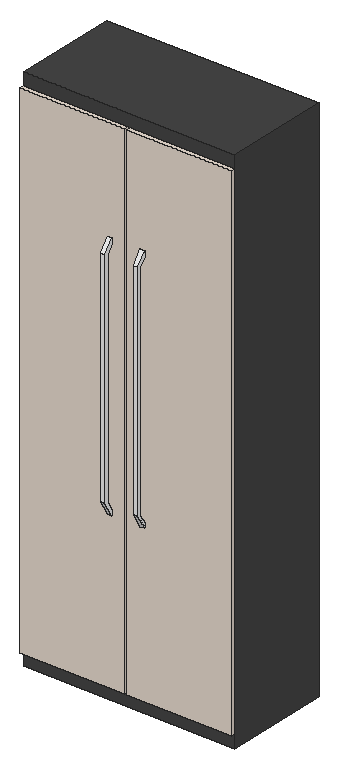
Revit family
Parameters (values of type "84A_거실_수납장2")
  현관-신발장 = 몸통
  폭 [instance] = 915 mm
  신발장-손잡이 = 신발장-손잡이
  문짝 [instance] = 문짝
  높이 [instance] = 2400 mm
  깊이 [instance] = 450 mm
  Assembly Code = ""
Reference planes
  plane 1 "Center (Front/Back)": y = 0
  plane 2: z = 0
  plane 3 "Center (Left/Right)": x = 0
  plane 4 "left": x = -457.5
  plane 5 "right": x = 457.5
  plane 6 "front": y = -225
  plane 7 "back": y = 225
  plane 8 "top": z = 2400
Forms (mm)
  Extrusion 1, solid, material "몸통" <- "현관-신발장"
    sketch origin (0, 0, 0) x (1, 0, 0) y (0, 1, 0)
      loop
        line (-457.5, 225) -> (-457.5, -225) -> (457.5, -225) -> (457.5, 225) -> (-457.5, 225)
    from 0 to 2300
  Extrusion 2, solid, material "문짝" <- "문짝"
    sketch origin (0, -225, 0) x (-1, 0, 0) y (0, 0, 1)
      loop
        line (457.5, 2245.132) -> (5, 2245.132) -> (5, 55.132) -> (457.5, 55.132) -> (457.5, 2245.132)
      loop
        line (-457.5, 2245.132) -> (-457.5, 55.132) -> (-5, 55.132) -> (-5, 2245.132) -> (-457.5, 2245.132)
    from -17.805 to 0
  Extrusion 3, solid, material "신발장-손잡이" <- "신발장-손잡이"
    sketch origin (0, 0, 0) x (0, 1, 0) y (0, 0, 1)
      loop
        line (-242.805, 1780) -> (-242.805, 1803.102) -> (-277.805, 1753.117) -> (-277.805, 788.117) -> (-242.805, 727.495) -> (-242.805, 747.495) -> (-265.748, 787.234) -> (-265.748, 1747.234) -> (-242.805, 1780)
    from 61.694 to 79.644
  Extrusion 4, solid, material "신발장-손잡이" <- "신발장-손잡이"
    sketch origin (0, 0, 0) x (0, 1, 0) y (0, 0, -1)
      loop
        line (-242.805, -1780) -> (-265.748, -1747.234) -> (-265.748, -787.234) -> (-242.805, -747.495) -> (-242.805, -727.495) -> (-277.805, -788.117) -> (-277.805, -1753.117) -> (-242.805, -1803.102) -> (-242.805, -1780)
    from 61.694 to 79.644
Dimensions and locks
  "깊이": plane 6 "front" to plane 7 "back"
  equal spacing: plane 6 "front", plane 1 "Center (Front/Back)", plane 7 "back"
  "높이": plane 8 "top" to level
  "폭": plane 4 "left" to plane 5 "right"
  equal spacing: plane 4 "left", plane 3 "Center (Left/Right)", plane 5 "right"
  locked: Extrusion 1 to Extrusion 2 sketch curve at 54.868
  locked: Extrusion 2 sketch curve to Extrusion 1 at 55.132
  equal spacing: Extrusion 2 sketch curve, plane 3 "Center (Left/Right)", Extrusion 2 sketch curve
  locked: Extrusion 4 to Extrusion 4 at 17.949
  locked: Extrusion 3 to Extrusion 3 at 17.949
  equal spacing: Extrusion 3, plane 3 "Center (Left/Right)", Extrusion 4
  aligned and locked: plane 4 "left" to Extrusion 1 sketch curve
  aligned and locked: plane 7 "back" to Extrusion 1 sketch curve
  aligned and locked: plane 6 "front" to Extrusion 1 sketch curve
  aligned and locked: Extrusion 1 sketch curve to plane 5 "right"
  aligned and locked: plane 6 "front" to Extrusion 2
  aligned and locked: Extrusion 3 to Extrusion 2  (x2)
Automatic sketch dimensions
  Extrusion 2 sketch curve to plane 5 "right" = 0 mm
  Extrusion 2 sketch curve to plane 4 "left" = 0 mm
  plane 3 "Center (Left/Right)" to Extrusion 2 sketch curve = 5 mm
  Extrusion 2 sketch curve to Extrusion 2 sketch curve = 0 mm  (x2)
  Extrusion 3 sketch curve to plane 6 "front" = 52.805 mm
  Extrusion 3 sketch curve to Extrusion 3 sketch curve = 12.057 mm
  Extrusion 3 sketch curve to plane 6 "front" = 17.805 mm  (x2)
  level to Extrusion 3 sketch curve = 727.495 mm
  Extrusion 3 sketch curve to Extrusion 3 sketch curve = 20 mm
  Extrusion 3 sketch curve to Extrusion 3 sketch curve = 39.739 mm
  Extrusion 3 sketch curve to Extrusion 3 sketch curve = 0.883 mm
  Extrusion 3 sketch curve to plane 8 "top" = 652.766 mm
  Extrusion 3 sketch curve to Extrusion 3 sketch curve = 5.883 mm
  Extrusion 3 sketch curve to Extrusion 3 sketch curve = 32.766 mm
  Extrusion 3 sketch curve to Extrusion 3 sketch curve = 23.102 mm
  Extrusion 4 sketch curve to plane 6 "front" = 52.805 mm
  Extrusion 4 sketch curve to Extrusion 4 sketch curve = 12.057 mm
  Extrusion 4 sketch curve to plane 6 "front" = 17.805 mm  (x2)
  Extrusion 4 sketch curve to plane 8 "top" = 596.898 mm
  Extrusion 4 sketch curve to Extrusion 4 sketch curve = 23.102 mm
  Extrusion 4 sketch curve to Extrusion 4 sketch curve = 26.883 mm
  Extrusion 4 sketch curve to Extrusion 4 sketch curve = 5.883 mm
  level to Extrusion 4 sketch curve = 788.117 mm
  Extrusion 4 sketch curve to Extrusion 4 sketch curve = 0.883 mm
  Extrusion 4 sketch curve to Extrusion 4 sketch curve = 39.739 mm
  Extrusion 4 sketch curve to Extrusion 4 sketch curve = 20 mm
